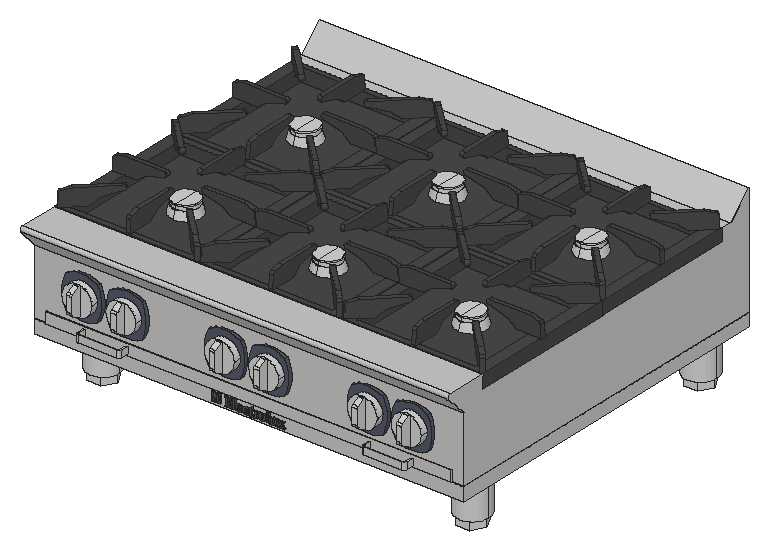
Revit family "QF_ELECTROLUXPROFESSIONAL_169132_ACG36T", category Specialty Equipment, Revit 2018
Family settings
  Round Connector Dimension = Use Diameter
  Part Type = Normal
  Work Plane-Based = No
  Always vertical = Yes
  Cut with Voids When Loaded = No
  Shared = Yes
  Room Calculation Point = No
Parameters
  Weight = "185 lbs."
  Watts = 0 W
  URL Manufacturer = "www.electrolux.com/foodservice"
  URL Cutsheet = "www.electrolux.com/foodservice"
  URL = "www.electrolux.com/foodservice"
  Type Mark [instance] = ""
  Type Comments = ""
  Status [instance] = ""
  Specification by User [instance] = ""
  Specification by Manufacturer = ""
  Show Logo = yes
  Show Clearance = yes
  Serial Number = ""
  Seismic Rating = ""
  SMACNA No = ""
  Revision Code [instance] = ""
  Omniclass Number and Title = ""
  NAFEM Spec ID Number = ""
  Model = "AGC36T"
  Mechanical Remarks [instance] = ""
  Mechanical Connection Type [instance] = ""
  MasterSpec. = ""
  Manufacturer = "ELECTROLUX"
  Item Number [instance] = ""
  Installed By [instance] = ""
  Identify Quantity as Lot [instance] = yes
  HP = "0 HP"
  Gas Size = 3/4"
  Gas RI Height [instance] = 0"
  Gas RI Connection Height [instance] = 7 9/16"
  Gas KW = 57
  Gas Input = 195000.0 Btu/h
  Furnished By [instance] = ""
  Foodservice Equipment Identifier [instance] = yes
  Direct Waste Size = 0"
  Description = "6 Open Gas Burner Top 36\" with Thermocouples"
  CSI MasterFormat = ""
  CSI Master Format = ""
Reference planes (in)
  plane 1 "BACK": y = 0
  plane 2: z = 0
  plane 3 "LEFT": x = 0
  plane 4 "RIGHT": x = 36
  plane 5 "FRONT": y = -31.49658
  plane 6 "TOP": z = 14.625
Forms (in)
  Extrusion 1, solid, material "QF_Finishes_Stainless Steel"
    sketch origin (0, 0, 0) x (0, 1, 0) y (0, 0, 1)
      loop
        arc (-31.25479, 12.8739) -> (-31.47376, 12.73038) -> (-31.42952, 12.47232) r 0.23881
        line (-31.42952, 12.47232) -> (-29.92264, 10.85467) -> (-29.92264, 5.3439) -> (0, 5.3439) -> (0, 14.64456) -> (-1.88863, 12.87587) -> (-2.73705, 12.87587) -> (-2.73705, 11.78131) -> (-27.90975, 11.78131) -> (-27.90964, 12.8739) -> (-31.25479, 12.8739)
      loop
        line (-29.92264, 5.30453) -> (-29.92264, 4.18837) -> (0, 4.18837) -> (0, 5.28228) -> (-29.92264, 5.30453)
    from 0 to 36
  Extrusion 2, solid, material "QF_Finishes_Handrails and Railings"
    sketch origin (0, -0.11377, 0) x (1, 0, 0) y (0, 1, 0)
      loop
        line (3.07085, -24.73494) -> (1.88975, -24.73494) -> (1.2992, -25.75781) -> (1.88975, -26.78067) -> (3.07085, -26.78067) -> (3.6614, -25.75781) -> (3.07085, -24.73494)
    from 0 to 0.78729
  Revolve 3, solid, material "QF_Finishes_Handrails and Railings"
    sketch origin (0, -25.87158, 0) x (1, 0, 0) y (0, 0, 1)
      loop
        line (2.4803, 0.78729) -> (2.4803, 4.1875) -> (1.10235, 4.1875) -> (1.10235, 0.78729) -> (2.4803, 0.78729)
      axis (2.4803, 4.1875) -> (2.4803, 0.78729)
    angle from 0 to 360
  Extrusion 4, solid, material "QF_Finishes_Handrails and Railings"
    sketch origin (0, 23.82031, 0) x (1, 0, 0) y (0, 1, 0)
      loop
        line (3.07085, -24.73494) -> (1.88975, -24.73494) -> (1.2992, -25.75781) -> (1.88975, -26.78067) -> (3.07085, -26.78067) -> (3.6614, -25.75781) -> (3.07085, -24.73494)
    from 0 to 0.78729
  Revolve 5, solid, material "QF_Finishes_Handrails and Railings"
    sketch origin (0, -1.9375, 0) x (1, 0, 0) y (0, 0, 1)
      loop
        line (2.4803, 0.78729) -> (2.4803, 4.1875) -> (1.10235, 4.1875) -> (1.10235, 0.78729) -> (2.4803, 0.78729)
      axis (2.4803, 4.1875) -> (2.4803, 0.78729)
    angle from 0 to 360
  Extrusion 6, solid, material "QF_Finishes_Black"
    sketch origin (0, 0, 0.87587) x (1, 0, 0) y (0, 1, 0)
      loop
        line (0, -2.73705) -> (0, -15.30609) -> (12, -15.30609) -> (12, -2.73705) -> (0, -2.73705)
      loop
        line (11.02362, -3.25097) -> (1.00352, -3.25097) -> (1.00352, -14.81396) -> (11.02362, -14.81396) -> (11.02362, -3.25097)
    from 10.90544 to 12
  Extrusion 7, solid, material "QF_Finishes_Black"
    sketch origin (0, -12.5853, 0.87587) x (1, 0, 0) y (0, 1, 0)
      loop
        line (0, -2.73705) -> (0, -15.30609) -> (12, -15.30609) -> (12, -2.73705) -> (0, -2.73705)
      loop
        line (11.02362, -3.25097) -> (1.00352, -3.25097) -> (1.00352, -14.81396) -> (11.02362, -14.81396) -> (11.02362, -3.25097)
    from 10.90544 to 12
  Extrusion 8, solid, material "QF_Finishes_Black"
    sketch origin (0, 0, 0.87587) x (1, 0, 0) y (0, 0, 1)
      loop
        line (11.03315, 13.42509) -> (7.66123, 13.42509)
        arc (7.66123, 13.42509) -> (7.46568, 13.25445) -> (7.60826, 13.03759) r 0.19737
        line (7.60826, 13.03759) -> (9.18152, 12.59928) -> (9.9716, 12) -> (12.01256, 12) -> (11.95626, 13.03934)
        arc (11.95626, 13.03934) -> (11.91054, 13.15724) -> (11.80402, 13.2254) r 0.20358
        line (11.80402, 13.2254) -> (11.03315, 13.42509)
    from 8.86514 to 9.19979
  Extrusion 9, solid, material "QF_Finishes_Black"
    sketch origin (12, 0, 0.87587) x (-1, 0, 0) y (0, 0, -1)
      loop
        line (11.03315, -13.42509) -> (11.80402, -13.2254)
        arc (11.80402, -13.2254) -> (11.91054, -13.15724) -> (11.95626, -13.03934) r 0.20358
        line (11.95626, -13.03934) -> (12.01256, -12) -> (9.9716, -12) -> (9.18152, -12.59928) -> (7.60826, -13.03759)
        arc (7.60826, -13.03759) -> (7.46568, -13.25445) -> (7.66123, -13.42509) r 0.19737
        line (7.66123, -13.42509) -> (11.03315, -13.42509)
    from 8.86514 to 9.19979
  Extrusion 10, solid, material "QF_Finishes_Black"
    sketch origin (15.0275, -5.00709, 0.87587) x (-0.707107, 0.707107, 0) y (0, 0, -1)
      loop
        line (11.03315, -13.42509) -> (11.80402, -13.2254)
        arc (11.80402, -13.2254) -> (11.91054, -13.15724) -> (11.95626, -13.03934) r 0.20358
        line (11.95626, -13.03934) -> (12.01256, -12) -> (9.9716, -12) -> (9.18152, -12.59928) -> (7.60826, -13.03759)
        arc (7.60826, -13.03759) -> (7.46568, -13.25445) -> (7.66123, -13.42509) r 0.19737
        line (7.66123, -13.42509) -> (11.03315, -13.42509)
    from 8.86514 to 9.19979
  Extrusion 11, solid, material "QF_Finishes_Black"
    sketch origin (-3.0275, -5.00709, 0.87587) x (0.707107, 0.707107, 0) y (0, 0, 1)
      loop
        line (11.03315, 13.42509) -> (7.66123, 13.42509)
        arc (7.66123, 13.42509) -> (7.46568, 13.25445) -> (7.60826, 13.03759) r 0.19737
        line (7.60826, 13.03759) -> (9.18152, 12.59928) -> (9.9716, 12) -> (12.01256, 12) -> (11.95626, 13.03934)
        arc (11.95626, 13.03934) -> (11.91054, 13.15724) -> (11.80402, 13.2254) r 0.20358
        line (11.80402, 13.2254) -> (11.03315, 13.42509)
    from 8.86514 to 9.19979
  Extrusion 12, solid, material "QF_Finishes_Black"
    sketch origin (15.0275, -13.05784, 0.87587) x (-0.707107, -0.707107, 0) y (0, 0, 1)
      loop
        line (11.03315, 13.42509) -> (7.66123, 13.42509)
        arc (7.66123, 13.42509) -> (7.46568, 13.25445) -> (7.60826, 13.03759) r 0.19737
        line (7.60826, 13.03759) -> (9.18152, 12.59928) -> (9.9716, 12) -> (12.01256, 12) -> (11.95626, 13.03934)
        arc (11.95626, 13.03934) -> (11.91054, 13.15724) -> (11.80402, 13.2254) r 0.20358
        line (11.80402, 13.2254) -> (11.03315, 13.42509)
    from 8.86514 to 9.19979
  Extrusion 13, solid, material "QF_Finishes_Black"
    sketch origin (-3.0275, -13.05784, 0.87587) x (0.707107, -0.707107, 0) y (0, 0, -1)
      loop
        line (11.03315, -13.42509) -> (11.80402, -13.2254)
        arc (11.80402, -13.2254) -> (11.91054, -13.15724) -> (11.95626, -13.03934) r 0.20358
        line (11.95626, -13.03934) -> (12.01256, -12) -> (9.9716, -12) -> (9.18152, -12.59928) -> (7.60826, -13.03759)
        arc (7.60826, -13.03759) -> (7.46568, -13.25445) -> (7.66123, -13.42509) r 0.19737
        line (7.66123, -13.42509) -> (11.03315, -13.42509)
    from 8.86514 to 9.19979
  Revolve 14, solid, material "QF_Finishes_Handrails and Railings"
    sketch origin (6, 12.54137, 0.87587) x (0, 1, 0) y (0, 0, 1)
      loop
        line (-21.57384, 12.02311) -> (-21.57384, 10.90544) -> (-20.31076, 10.90544) -> (-20.47945, 11.5802) -> (-20.54501, 11.5802) -> (-20.54501, 11.93953) -> (-20.47945, 11.93953) -> (-20.47945, 12.02311) -> (-21.57384, 12.02311)
      axis (-21.57384, 12.02311) -> (-21.57384, 10.90544)
    angle from 0 to 360
  Extrusion 15, solid, material "QF_Finishes_Black"
    sketch origin (0, -12.58301, 0.87587) x (1, 0, 0) y (0, 0, 1)
      loop
        line (11.03315, 13.42509) -> (7.66123, 13.42509)
        arc (7.66123, 13.42509) -> (7.46568, 13.25445) -> (7.60826, 13.03759) r 0.19737
        line (7.60826, 13.03759) -> (9.18152, 12.59928) -> (9.9716, 12) -> (12.01256, 12) -> (11.95626, 13.03934)
        arc (11.95626, 13.03934) -> (11.91054, 13.15724) -> (11.80402, 13.2254) r 0.20358
        line (11.80402, 13.2254) -> (11.03315, 13.42509)
    from 8.86514 to 9.19979
  Extrusion 16, solid, material "QF_Finishes_Black"
    sketch origin (12, -12.58301, 0.87587) x (-1, 0, 0) y (0, 0, -1)
      loop
        line (11.03315, -13.42509) -> (11.80402, -13.2254)
        arc (11.80402, -13.2254) -> (11.91054, -13.15724) -> (11.95626, -13.03934) r 0.20358
        line (11.95626, -13.03934) -> (12.01256, -12) -> (9.9716, -12) -> (9.18152, -12.59928) -> (7.60826, -13.03759)
        arc (7.60826, -13.03759) -> (7.46568, -13.25445) -> (7.66123, -13.42509) r 0.19737
        line (7.66123, -13.42509) -> (11.03315, -13.42509)
    from 8.86514 to 9.19979
  Extrusion 17, solid, material "QF_Finishes_Black"
    sketch origin (15.0275, -17.5901, 0.87587) x (-0.707107, 0.707107, 0) y (0, 0, -1)
      loop
        line (11.03315, -13.42509) -> (11.80402, -13.2254)
        arc (11.80402, -13.2254) -> (11.91054, -13.15724) -> (11.95626, -13.03934) r 0.20358
        line (11.95626, -13.03934) -> (12.01256, -12) -> (9.9716, -12) -> (9.18152, -12.59928) -> (7.60826, -13.03759)
        arc (7.60826, -13.03759) -> (7.46568, -13.25445) -> (7.66123, -13.42509) r 0.19737
        line (7.66123, -13.42509) -> (11.03315, -13.42509)
    from 8.86514 to 9.19979
  Extrusion 18, solid, material "QF_Finishes_Black"
    sketch origin (-3.0275, -17.5901, 0.87587) x (0.707107, 0.707107, 0) y (0, 0, 1)
      loop
        line (11.03315, 13.42509) -> (7.66123, 13.42509)
        arc (7.66123, 13.42509) -> (7.46568, 13.25445) -> (7.60826, 13.03759) r 0.19737
        line (7.60826, 13.03759) -> (9.18152, 12.59928) -> (9.9716, 12) -> (12.01256, 12) -> (11.95626, 13.03934)
        arc (11.95626, 13.03934) -> (11.91054, 13.15724) -> (11.80402, 13.2254) r 0.20358
        line (11.80402, 13.2254) -> (11.03315, 13.42509)
    from 8.86514 to 9.19979
  Extrusion 19, solid, material "QF_Finishes_Black"
    sketch origin (15.0275, -25.64085, 0.87587) x (-0.707107, -0.707107, 0) y (0, 0, 1)
      loop
        line (11.03315, 13.42509) -> (7.66123, 13.42509)
        arc (7.66123, 13.42509) -> (7.46568, 13.25445) -> (7.60826, 13.03759) r 0.19737
        line (7.60826, 13.03759) -> (9.18152, 12.59928) -> (9.9716, 12) -> (12.01256, 12) -> (11.95626, 13.03934)
        arc (11.95626, 13.03934) -> (11.91054, 13.15724) -> (11.80402, 13.2254) r 0.20358
        line (11.80402, 13.2254) -> (11.03315, 13.42509)
    from 8.86514 to 9.19979
  Extrusion 20, solid, material "QF_Finishes_Black"
    sketch origin (-3.0275, -25.64085, 0.87587) x (0.707107, -0.707107, 0) y (0, 0, -1)
      loop
        line (11.03315, -13.42509) -> (11.80402, -13.2254)
        arc (11.80402, -13.2254) -> (11.91054, -13.15724) -> (11.95626, -13.03934) r 0.20358
        line (11.95626, -13.03934) -> (12.01256, -12) -> (9.9716, -12) -> (9.18152, -12.59928) -> (7.60826, -13.03759)
        arc (7.60826, -13.03759) -> (7.46568, -13.25445) -> (7.66123, -13.42509) r 0.19737
        line (7.66123, -13.42509) -> (11.03315, -13.42509)
    from 8.86514 to 9.19979
  Revolve 21, solid, material "QF_Finishes_Handrails and Railings"
    sketch origin (6, -0.04163, 0.87587) x (0, 1, 0) y (0, 0, 1)
      loop
        line (-21.57384, 12.02311) -> (-21.57384, 10.90544) -> (-20.31076, 10.90544) -> (-20.47945, 11.5802) -> (-20.54501, 11.5802) -> (-20.54501, 11.93953) -> (-20.47945, 11.93953) -> (-20.47945, 12.02311) -> (-21.57384, 12.02311)
      axis (-21.57384, 12.02311) -> (-21.57384, 10.90544)
    angle from 0 to 360
  Extrusion 22, solid, material "Navy Blue"
    sketch origin (0, 0, 0) x (1, 0, 0) y (0, 0, 1)
      loop
        arc (6.50574, 9.87065) -> (6.16818, 8.46518) -> (6.50574, 7.05971) r 3.09468
        arc (6.50574, 7.05971) -> (7.85673, 6.69495) -> (9.20772, 7.05971) r 2.68427
        arc (9.20772, 7.05971) -> (9.54528, 8.46518) -> (9.20772, 9.87065) r 3.09468
        arc (9.20772, 9.87065) -> (7.85673, 10.23541) -> (6.50574, 9.87065) r 2.68427
    from 29.92264 to 30.17272
  Extrusion 23, solid, material "QF_Finishes_Handrails and Railings"
    sketch origin (0, 0, 0) x (1, 0, 0) y (0, 0, 1)
      loop
        circle (7.85673, 8.46518) r 1.25
    from 30.17272 to 30.7208
  Extrusion 24, solid, material "QF_Finishes_Handrails and Railings"
    sketch origin (0, -0.08156, 0) x (0, 1, 0) y (0, 0, 1)
      loop
        line (-30.7208, 9.61954) -> (-31.32961, 9.27409)
        arc (-31.32961, 9.27409) -> (-31.39236, 9.21203) -> (-31.41533, 9.12681) r 0.16924
        line (-31.41533, 9.12681) -> (-31.41471, 7.86711)
        arc (-31.41471, 7.86711) -> (-31.37661, 7.72631) -> (-31.27282, 7.62384) r 0.27972
        line (-31.27282, 7.62384) -> (-30.7208, 7.31125) -> (-30.63924, 7.31125) -> (-30.63924, 9.61954) -> (-30.7208, 9.61954)
    from 7.63866 to 8.09484
  Extrusion 25, solid, material "Navy Blue"
    sketch origin (12, 0, 0) x (-1, 0, 0) y (0, 0, -1)
      loop
        arc (6.50574, -9.87065) -> (7.85673, -10.23541) -> (9.20772, -9.87065) r 2.68427
        arc (9.20772, -9.87065) -> (9.54528, -8.46518) -> (9.20772, -7.05971) r 3.09468
        arc (9.20772, -7.05971) -> (7.85673, -6.69495) -> (6.50574, -7.05971) r 2.68427
        arc (6.50574, -7.05971) -> (6.16818, -8.46518) -> (6.50574, -9.87065) r 3.09468
    from 29.92264 to 30.17272
  Extrusion 26, solid, material "QF_Finishes_Handrails and Railings"
    sketch origin (12, 0, 0) x (-1, 0, 0) y (0, 0, -1)
      loop
        circle (7.85673, -8.46518) r 1.25
    from 30.17272 to 30.7208
  Extrusion 27, solid, material "QF_Finishes_Handrails and Railings"
    sketch origin (12, -0.08156, 0) x (0, 1, 0) y (0, 0, -1)
      loop
        line (-30.7208, -9.61954) -> (-30.63924, -9.61954) -> (-30.63924, -7.31125) -> (-30.7208, -7.31125) -> (-31.27282, -7.62384)
        arc (-31.27282, -7.62384) -> (-31.37661, -7.72631) -> (-31.41471, -7.86711) r 0.27972
        line (-31.41471, -7.86711) -> (-31.41533, -9.12681)
        arc (-31.41533, -9.12681) -> (-31.39236, -9.21203) -> (-31.32961, -9.27409) r 0.16924
        line (-31.32961, -9.27409) -> (-30.7208, -9.61954)
    from 7.63866 to 8.09484
  Extrusion 28, solid, material "QF_Finishes_Stainless Steel"
    sketch origin (0, 0, 0) x (1, 0, 0) y (0, 0, 1)
      loop
        line (1, 5.3439) -> (35, 5.3439) -> (35, 6.23559) -> (1, 6.23559) -> (1, 5.3439)
    from 29.92264 to 30.06107
  Extrusion 29, solid, material "QF_Finishes_Stainless Steel"
    sketch origin (0, 0, 0) x (1, 0, 0) y (0, 1, 0)
      loop
        line (4.14807, -30.06107) -> (4.14807, -30.63839)
        arc (4.14807, -30.63839) -> (4.2213, -30.81517) -> (4.39807, -30.88839) r 0.25
        line (4.39807, -30.88839) -> (7.60673, -30.88839)
        arc (7.60673, -30.88839) -> (7.78351, -30.81517) -> (7.85673, -30.63839) r 0.25
        line (7.85673, -30.63839) -> (7.85673, -30.06107) -> (7.73173, -30.06107) -> (7.73173, -30.63839)
        arc (7.73173, -30.63839) -> (7.69512, -30.72678) -> (7.60673, -30.76339) r 0.125
        line (7.60673, -30.76339) -> (4.39807, -30.76339)
        arc (4.39807, -30.76339) -> (4.30968, -30.72678) -> (4.27307, -30.63839) r 0.125
        line (4.27307, -30.63839) -> (4.27307, -30.06107) -> (4.14807, -30.06107)
    from 5.46007 to 6.02609
  Extrusion 30, solid, material "QF_Finishes_Black"
    sketch origin (15.03247, -15.61547, 0.87587) x (0, -1, 0) y (0, 0, 1)
      loop
        line (11.03315, 13.42509) -> (7.66123, 13.42509)
        arc (7.66123, 13.42509) -> (7.46568, 13.25445) -> (7.60826, 13.03759) r 0.19737
        line (7.60826, 13.03759) -> (9.18152, 12.59928) -> (9.9716, 12) -> (12.01256, 12) -> (11.95626, 13.03934)
        arc (11.95626, 13.03934) -> (11.91054, 13.15724) -> (11.80402, 13.2254) r 0.20358
        line (11.80402, 13.2254) -> (11.03315, 13.42509)
    from 8.86514 to 9.19979
  Extrusion 31, solid, material "QF_Finishes_Black"
    sketch origin (15.03247, -27.61547, 0.87587) x (0, 1, 0) y (0, 0, -1)
      loop
        line (11.03315, -13.42509) -> (11.80402, -13.2254)
        arc (11.80402, -13.2254) -> (11.91054, -13.15724) -> (11.95626, -13.03934) r 0.20358
        line (11.95626, -13.03934) -> (12.01256, -12) -> (9.9716, -12) -> (9.18152, -12.59928) -> (7.60826, -13.03759)
        arc (7.60826, -13.03759) -> (7.46568, -13.25445) -> (7.66123, -13.42509) r 0.19737
        line (7.66123, -13.42509) -> (11.03315, -13.42509)
    from 8.86514 to 9.19979
  Extrusion 32, solid, material "QF_Finishes_Black"
    sketch origin (15.03247, -3.03247, 0.87587) x (0, -1, 0) y (0, 0, 1)
      loop
        line (11.03315, 13.42509) -> (7.66123, 13.42509)
        arc (7.66123, 13.42509) -> (7.46568, 13.25445) -> (7.60826, 13.03759) r 0.19737
        line (7.60826, 13.03759) -> (9.18152, 12.59928) -> (9.9716, 12) -> (12.01256, 12) -> (11.95626, 13.03934)
        arc (11.95626, 13.03934) -> (11.91054, 13.15724) -> (11.80402, 13.2254) r 0.20358
        line (11.80402, 13.2254) -> (11.03315, 13.42509)
    from 8.86514 to 9.19979
  Extrusion 33, solid, material "QF_Finishes_Black"
    sketch origin (15.03247, -15.03247, 0.87587) x (0, 1, 0) y (0, 0, -1)
      loop
        line (11.03315, -13.42509) -> (11.80402, -13.2254)
        arc (11.80402, -13.2254) -> (11.91054, -13.15724) -> (11.95626, -13.03934) r 0.20358
        line (11.95626, -13.03934) -> (12.01256, -12) -> (9.9716, -12) -> (9.18152, -12.59928) -> (7.60826, -13.03759)
        arc (7.60826, -13.03759) -> (7.46568, -13.25445) -> (7.66123, -13.42509) r 0.19737
        line (7.66123, -13.42509) -> (11.03315, -13.42509)
    from 8.86514 to 9.19979
  Extrusion 34, solid, material "Navy Blue", visible <- "Show Logo"
    sketch origin (-7.58045, 15.97722, -64.54174) x (1, 0, 0) y (0, 0, 1)
      loop
        line (22.92786, 69.6462) -> (22.92786, 68.97238)
        arc (22.92786, 68.97238) -> (23.17694, 69.30929) -> (22.92786, 69.6462) r 0.35239
      loop
        arc (22.89359, 69.6462) -> (22.61337, 69.58251) -> (22.47836, 69.32883) r 0.34534
        line (22.47836, 69.32883) -> (22.58983, 69.32883)
        arc (22.58983, 69.32883) -> (22.78898, 69.40966) -> (22.89359, 69.59741) r 0.32369
        line (22.89359, 69.59741) -> (22.89359, 69.6462)
      loop
        arc (22.89359, 69.02118) -> (22.78898, 69.20892) -> (22.58983, 69.28976) r 0.32369
        line (22.58983, 69.28976) -> (22.47836, 69.28976)
        arc (22.47836, 69.28976) -> (22.61314, 69.03398) -> (22.89359, 68.96373) r 0.35438
        line (22.89359, 68.96373) -> (22.89359, 69.02118)
      loop
        line (22.45278, 69.68297) -> (22.45278, 68.93408) -> (23.20268, 68.93408) -> (23.20268, 69.68297) -> (22.45278, 69.68297)
      loop
        line (23.57392, 69.68753) -> (23.57392, 69.6483)
        arc (23.57392, 69.6483) -> (23.62149, 69.63495) -> (23.64661, 69.59241) r 0.06626
        line (23.64661, 69.59241) -> (23.64661, 69.02506)
        arc (23.64661, 69.02506) -> (23.62256, 68.98016) -> (23.57396, 68.96488) r 0.06745
        line (23.57396, 68.96488) -> (23.57396, 68.92937) -> (24.14289, 68.92937) -> (24.14289, 69.07925) -> (24.094, 69.07925)
        arc (24.094, 69.07925) -> (24.0624, 69.02972) -> (24.00915, 69.0049) r 0.10503
        line (24.00915, 69.0049) -> (23.87299, 69.0049)
        arc (23.87299, 69.0049) -> (23.83329, 69.01991) -> (23.81345, 69.05743) r 0.06
        line (23.81345, 69.05743) -> (23.81345, 69.28009) -> (24.01361, 69.28009)
        arc (24.01361, 69.28009) -> (24.04135, 69.26003) -> (24.05328, 69.22795) r 0.05899
        line (24.05328, 69.22795) -> (24.08489, 69.22795) -> (24.08489, 69.40532) -> (24.05328, 69.40532)
        arc (24.05328, 69.40532) -> (24.04135, 69.37324) -> (24.01361, 69.35319) r 0.05899
        line (24.01361, 69.35319) -> (23.81345, 69.35319) -> (23.81345, 69.60803) -> (24.01764, 69.60803)
        arc (24.01764, 69.60803) -> (24.06367, 69.59288) -> (24.08951, 69.55188) r 0.07161
        line (24.08951, 69.55188) -> (24.12389, 69.55188) -> (24.12389, 69.68753) -> (23.57392, 69.68753)
      loop
        line (24.19687, 69.68753) -> (24.19687, 69.65098)
        arc (24.19687, 69.65098) -> (24.24558, 69.63081) -> (24.26576, 69.58209) r 0.06889
        line (24.26576, 69.58209) -> (24.26576, 69.05632)
        arc (24.26576, 69.05632) -> (24.24416, 69.00892) -> (24.19421, 68.99412) r 0.06281
        line (24.19421, 68.99412) -> (24.19421, 68.92937) -> (24.48487, 68.92937) -> (24.48487, 68.99412)
        arc (24.48487, 68.99412) -> (24.43492, 69.00892) -> (24.41332, 69.05632) r 0.06281
        line (24.41332, 69.05632) -> (24.41332, 69.71411) -> (24.19687, 69.68753)
      loop
        line (24.67774, 69.1307) -> (24.67774, 69.19988) -> (25.02902, 69.19988) -> (25.02902, 69.24342)
        arc (25.02902, 69.24342) -> (24.97537, 69.38403) -> (24.8417, 69.45315) r 0.21106
        line (24.8417, 69.45315) -> (24.74575, 69.45315)
        arc (24.74575, 69.45315) -> (24.58967, 69.3885) -> (24.52503, 69.23242) r 0.22073
        line (24.52503, 69.23242) -> (24.52503, 69.123)
        arc (24.52503, 69.123) -> (24.60594, 68.96944) -> (24.76978, 68.91213) r 0.23712
        arc (24.76978, 68.91213) -> (24.904, 68.93198) -> (25.01703, 69.00704) r 0.31131
        line (25.01703, 69.00704) -> (25.01703, 69.05875)
        arc (25.01703, 69.05875) -> (24.93153, 69.01883) -> (24.83791, 69.00704) r 0.304
        arc (24.83791, 69.00704) -> (24.73948, 69.04304) -> (24.68203, 69.1307) r 0.16658
      loop
        line (24.67774, 69.2685) -> (24.88387, 69.2685) -> (24.88387, 69.31067)
        arc (24.88387, 69.31067) -> (24.8636, 69.36636) -> (24.81228, 69.39599) r 0.08663
        line (24.81228, 69.39599) -> (24.7671, 69.39599)
        arc (24.7671, 69.39599) -> (24.69868, 69.34888) -> (24.67774, 69.2685) r 0.11901
      loop
        arc (25.57907, 69.42057) -> (25.48785, 69.4472) -> (25.39322, 69.45579) r 0.49163
        line (25.39322, 69.45579) -> (25.31898, 69.45579)
        arc (25.31898, 69.45579) -> (25.16644, 69.39261) -> (25.10326, 69.24007) r 0.21572
        line (25.10326, 69.24007) -> (25.10326, 69.09839)
        arc (25.10326, 69.09839) -> (25.1737, 68.97407) -> (25.30297, 68.91318) r 0.23599
        line (25.30297, 68.91318) -> (25.41932, 68.91318)
        arc (25.41932, 68.91318) -> (25.51994, 68.94946) -> (25.60259, 69.01736) r 0.31449
        line (25.60259, 69.01736) -> (25.60259, 69.06672) -> (25.56735, 69.06672)
        arc (25.56735, 69.06672) -> (25.51758, 69.02418) -> (25.45391, 69.00888) r 0.14017
        line (25.45391, 69.00888) -> (25.37135, 69.00888)
        arc (25.37135, 69.00888) -> (25.28191, 69.06369) -> (25.2469, 69.16257) r 0.15712
        line (25.2469, 69.16257) -> (25.2469, 69.23224)
        arc (25.2469, 69.23224) -> (25.27742, 69.33147) -> (25.36813, 69.38195) r 0.13914
        line (25.36813, 69.38195) -> (25.42553, 69.38195)
        arc (25.42553, 69.38195) -> (25.4982, 69.34763) -> (25.53993, 69.27894) r 0.13972
        line (25.53993, 69.27894) -> (25.57907, 69.27894) -> (25.57907, 69.42057)
      loop
        line (25.5938, 69.36509) -> (25.67558, 69.36509) -> (25.67558, 69.03555)
        arc (25.67558, 69.03555) -> (25.71142, 68.94902) -> (25.79795, 68.91318) r 0.12237
        line (25.79795, 68.91318) -> (25.88423, 68.91318)
        arc (25.88423, 68.91318) -> (25.95312, 68.94271) -> (26.00819, 68.99355) r 0.22123
        line (26.00819, 68.99355) -> (26.00819, 69.02847) -> (25.97122, 69.02847)
        arc (25.97122, 69.02847) -> (25.93052, 69.00759) -> (25.88479, 69.00888) r 0.09207
        arc (25.88479, 69.00888) -> (25.84186, 69.03838) -> (25.82533, 69.08778) r 0.08208
        line (25.82533, 69.08778) -> (25.82533, 69.36773) -> (25.95595, 69.36773) -> (25.98627, 69.39804) -> (25.98627, 69.44281) -> (25.83045, 69.44281) -> (25.83045, 69.61886) -> (25.5938, 69.36509)
      loop
        line (26.03517, 68.92504) -> (26.32868, 68.92504) -> (26.32868, 68.98552)
        arc (26.32868, 68.98552) -> (26.27686, 69.00698) -> (26.2554, 69.0588) r 0.07328
        line (26.2554, 69.0588) -> (26.2554, 69.25583)
        arc (26.2554, 69.25583) -> (26.28765, 69.29749) -> (26.33792, 69.31327) r 0.088
        line (26.33792, 69.31327) -> (26.42268, 69.31327) -> (26.46, 69.45253) -> (26.38466, 69.45253)
        arc (26.38466, 69.45253) -> (26.3098, 69.42153) -> (26.2788, 69.34667) r 0.10586
        line (26.2788, 69.34667) -> (26.24521, 69.34667) -> (26.24521, 69.44913) -> (26.0346, 69.42699) -> (26.0346, 69.39208)
        arc (26.0346, 69.39208) -> (26.08292, 69.37113) -> (26.10845, 69.32506) r 0.08178
        line (26.10845, 69.32506) -> (26.10845, 69.0588)
        arc (26.10845, 69.0588) -> (26.08698, 69.00698) -> (26.03517, 68.98552) r 0.07328
        line (26.03517, 68.98552) -> (26.03517, 68.92504)
      loop
        line (26.4717, 69.2575) -> (26.4717, 69.11082)
        arc (26.4717, 69.11082) -> (26.54295, 68.97757) -> (26.68084, 68.91579) r 0.23366
        arc (26.68084, 68.91579) -> (26.75604, 68.91233) -> (26.83125, 68.91579) r 0.81853
        arc (26.83125, 68.91579) -> (26.96914, 68.97757) -> (27.04039, 69.11082) r 0.23366
        line (27.04039, 69.11082) -> (27.04039, 69.2575)
        arc (27.04039, 69.2575) -> (26.96914, 69.39075) -> (26.83125, 69.45253) r 0.23366
        arc (26.83125, 69.45253) -> (26.75604, 69.45599) -> (26.68084, 69.45253) r 0.81853
        arc (26.68084, 69.45253) -> (26.54295, 69.39075) -> (26.4717, 69.2575) r 0.23366
      loop
        line (26.64139, 69.26866) -> (26.64139, 69.09966)
        arc (26.64139, 69.09966) -> (26.75891, 68.98213) -> (26.87643, 69.09966) r 0.11752
        line (26.87643, 69.09966) -> (26.87643, 69.26866)
        arc (26.87643, 69.26866) -> (26.75891, 69.38619) -> (26.64139, 69.26866) r 0.11752
      loop
        line (27.08187, 69.68753) -> (27.08187, 69.64903)
        arc (27.08187, 69.64903) -> (27.13059, 69.62885) -> (27.15076, 69.58014) r 0.06889
        line (27.15076, 69.58014) -> (27.15076, 69.04265)
        arc (27.15076, 69.04265) -> (27.12916, 68.99525) -> (27.07922, 68.98045) r 0.06281
        line (27.07922, 68.98045) -> (27.07922, 68.92937) -> (27.36987, 68.92937) -> (27.36987, 68.98045)
        arc (27.36987, 68.98045) -> (27.31992, 68.99525) -> (27.29832, 69.04265) r 0.06281
        line (27.29832, 69.04265) -> (27.29832, 69.71411) -> (27.08187, 69.68753)
      loop
        arc (27.56578, 68.9189) -> (27.48158, 68.95913) -> (27.44739, 69.04596) r 0.12738
        line (27.44739, 69.04596) -> (27.44739, 69.31948)
        arc (27.44739, 69.31948) -> (27.42537, 69.36878) -> (27.37395, 69.38526) r 0.06618
        line (27.37395, 69.38526) -> (27.37395, 69.42631) -> (27.59762, 69.44982) -> (27.59762, 69.11219)
        arc (27.59762, 69.11219) -> (27.62174, 69.04935) -> (27.68172, 69.01879) r 0.09392
        arc (27.68172, 69.01879) -> (27.73752, 69.02275) -> (27.78856, 69.04565) r 0.16019
        line (27.78856, 69.04565) -> (27.78856, 69.32369)
        arc (27.78856, 69.32369) -> (27.76083, 69.36469) -> (27.71529, 69.38406) r 0.08743
        line (27.71529, 69.38406) -> (27.71529, 69.42692) -> (27.94433, 69.44294) -> (27.94433, 69.02604)
        arc (27.94433, 69.02604) -> (27.9585, 68.98878) -> (27.99384, 68.97036) r 0.05606
        line (27.99384, 68.97036) -> (27.99384, 68.92937) -> (27.8523, 68.92937)
        arc (27.8523, 68.92937) -> (27.81996, 68.94344) -> (27.80822, 68.97669) r 0.04419
        line (27.80822, 68.97669) -> (27.77574, 68.97669)
        arc (27.77574, 68.97669) -> (27.72, 68.93392) -> (27.65141, 68.91872) r 0.1623
        line (27.65141, 68.91872) -> (27.5689, 68.91872)
      loop
        line (27.99384, 69.43917) -> (27.99384, 69.40417)
        arc (27.99384, 69.40417) -> (28.05152, 69.38277) -> (28.10231, 69.34805) r 0.25223
        line (28.10231, 69.34805) -> (28.22795, 69.17511) -> (28.05838, 68.98679)
        arc (28.05838, 68.98679) -> (28.03693, 68.97387) -> (28.01192, 68.97509) r 0.04299
        line (28.01192, 68.97509) -> (28.01192, 68.92937) -> (28.20509, 68.92937) -> (28.20509, 68.97439)
        arc (28.20509, 68.97439) -> (28.18534, 68.99304) -> (28.19035, 69.01974) r 0.02835
        line (28.19035, 69.01974) -> (28.27051, 69.11781) -> (28.34546, 69.00239)
        arc (28.34546, 69.00239) -> (28.32857, 68.98053) -> (28.30136, 68.97581) r 0.03815
        line (28.30136, 68.97581) -> (28.30136, 68.92937) -> (28.63046, 68.92937) -> (28.63046, 68.97768)
        arc (28.63046, 68.97768) -> (28.59456, 68.98133) -> (28.56559, 69.00285) r 0.06795
        line (28.56559, 69.00285) -> (28.38385, 69.23546) -> (28.48746, 69.35895)
        arc (28.48746, 69.35895) -> (28.53396, 69.39302) -> (28.59095, 69.40172) r 0.12107
        line (28.59095, 69.40172) -> (28.59095, 69.43917) -> (28.38306, 69.43917) -> (28.38306, 69.40172)
        arc (28.38306, 69.40172) -> (28.41038, 69.38848) -> (28.40759, 69.35825) r 0.02666
        line (28.40759, 69.35825) -> (28.33803, 69.27536) -> (28.27317, 69.36799)
        arc (28.27317, 69.36799) -> (28.28698, 69.39468) -> (28.31549, 69.40418) r 0.03992
        line (28.31549, 69.40418) -> (28.31549, 69.43917) -> (27.99384, 69.43917)
    from 45.89987 to 45.9727
  Extrusion 35, solid
    sketch origin (0, 0.50515, 0) x (1, 0, 0) y (0, 0, 1)
      loop
        circle (1.6875, 7.5625) r 0.375
    from -0.49485 to 0.50515
  Extrusion 36, solid, material "QF_Finishes_Clearance", visible <- "Show Clearance", detail levels coarse
    sketch origin (2.80868, 0.84181, 0) x (1, 0, 0) y (0, 1, 0)
      loop
        line (-12.80868, 3.15819) -> (-12.80868, -32.33839) -> (-2.80868, -32.33839) -> (-2.80868, -0.84181) -> (33.19132, -0.84181) -> (33.19132, -32.33839) -> (43.19132, -32.33839) -> (43.19132, 3.15819) -> (-12.80868, 3.15819)
    from 0 to 14.625
  Extrusion 37, solid, material "QF_Finishes_Black"
    sketch origin (12, 0, 0.87587) x (1, 0, 0) y (0, 1, 0)
      loop
        line (0, -2.73705) -> (0, -15.30609) -> (12, -15.30609) -> (12, -2.73705) -> (0, -2.73705)
      loop
        line (11.02362, -3.25097) -> (1.00352, -3.25097) -> (1.00352, -14.81396) -> (11.02362, -14.81396) -> (11.02362, -3.25097)
    from 10.90544 to 12
  Extrusion 38, solid, material "QF_Finishes_Black"
    sketch origin (12, -12.5853, 0.87587) x (1, 0, 0) y (0, 1, 0)
      loop
        line (0, -2.73705) -> (0, -15.30609) -> (12, -15.30609) -> (12, -2.73705) -> (0, -2.73705)
      loop
        line (11.02362, -3.25097) -> (1.00352, -3.25097) -> (1.00352, -14.81396) -> (11.02362, -14.81396) -> (11.02362, -3.25097)
    from 10.90544 to 12
  Extrusion 39, solid, material "QF_Finishes_Black"
    sketch origin (12, 0, 0.87587) x (1, 0, 0) y (0, 0, 1)
      loop
        line (11.03315, 13.42509) -> (7.66123, 13.42509)
        arc (7.66123, 13.42509) -> (7.46568, 13.25445) -> (7.60826, 13.03759) r 0.19737
        line (7.60826, 13.03759) -> (9.18152, 12.59928) -> (9.9716, 12) -> (12.01256, 12) -> (11.95626, 13.03934)
        arc (11.95626, 13.03934) -> (11.91054, 13.15724) -> (11.80402, 13.2254) r 0.20358
        line (11.80402, 13.2254) -> (11.03315, 13.42509)
    from 8.86514 to 9.19979
  Extrusion 40, solid, material "QF_Finishes_Black"
    sketch origin (24, 0, 0.87587) x (-1, 0, 0) y (0, 0, -1)
      loop
        line (11.03315, -13.42509) -> (11.80402, -13.2254)
        arc (11.80402, -13.2254) -> (11.91054, -13.15724) -> (11.95626, -13.03934) r 0.20358
        line (11.95626, -13.03934) -> (12.01256, -12) -> (9.9716, -12) -> (9.18152, -12.59928) -> (7.60826, -13.03759)
        arc (7.60826, -13.03759) -> (7.46568, -13.25445) -> (7.66123, -13.42509) r 0.19737
        line (7.66123, -13.42509) -> (11.03315, -13.42509)
    from 8.86514 to 9.19979
  Extrusion 41, solid, material "QF_Finishes_Black"
    sketch origin (27.0275, -5.00709, 0.87587) x (-0.707107, 0.707107, 0) y (0, 0, -1)
      loop
        line (11.03315, -13.42509) -> (11.80402, -13.2254)
        arc (11.80402, -13.2254) -> (11.91054, -13.15724) -> (11.95626, -13.03934) r 0.20358
        line (11.95626, -13.03934) -> (12.01256, -12) -> (9.9716, -12) -> (9.18152, -12.59928) -> (7.60826, -13.03759)
        arc (7.60826, -13.03759) -> (7.46568, -13.25445) -> (7.66123, -13.42509) r 0.19737
        line (7.66123, -13.42509) -> (11.03315, -13.42509)
    from 8.86514 to 9.19979
  Extrusion 42, solid, material "QF_Finishes_Black"
    sketch origin (8.9725, -5.00709, 0.87587) x (0.707107, 0.707107, 0) y (0, 0, 1)
      loop
        line (11.03315, 13.42509) -> (7.66123, 13.42509)
        arc (7.66123, 13.42509) -> (7.46568, 13.25445) -> (7.60826, 13.03759) r 0.19737
        line (7.60826, 13.03759) -> (9.18152, 12.59928) -> (9.9716, 12) -> (12.01256, 12) -> (11.95626, 13.03934)
        arc (11.95626, 13.03934) -> (11.91054, 13.15724) -> (11.80402, 13.2254) r 0.20358
        line (11.80402, 13.2254) -> (11.03315, 13.42509)
    from 8.86514 to 9.19979
  Extrusion 43, solid, material "QF_Finishes_Black"
    sketch origin (27.0275, -13.05784, 0.87587) x (-0.707107, -0.707107, 0) y (0, 0, 1)
      loop
        line (11.03315, 13.42509) -> (7.66123, 13.42509)
        arc (7.66123, 13.42509) -> (7.46568, 13.25445) -> (7.60826, 13.03759) r 0.19737
        line (7.60826, 13.03759) -> (9.18152, 12.59928) -> (9.9716, 12) -> (12.01256, 12) -> (11.95626, 13.03934)
        arc (11.95626, 13.03934) -> (11.91054, 13.15724) -> (11.80402, 13.2254) r 0.20358
        line (11.80402, 13.2254) -> (11.03315, 13.42509)
    from 8.86514 to 9.19979
  Extrusion 44, solid, material "QF_Finishes_Black"
    sketch origin (8.9725, -13.05784, 0.87587) x (0.707107, -0.707107, 0) y (0, 0, -1)
      loop
        line (11.03315, -13.42509) -> (11.80402, -13.2254)
        arc (11.80402, -13.2254) -> (11.91054, -13.15724) -> (11.95626, -13.03934) r 0.20358
        line (11.95626, -13.03934) -> (12.01256, -12) -> (9.9716, -12) -> (9.18152, -12.59928) -> (7.60826, -13.03759)
        arc (7.60826, -13.03759) -> (7.46568, -13.25445) -> (7.66123, -13.42509) r 0.19737
        line (7.66123, -13.42509) -> (11.03315, -13.42509)
    from 8.86514 to 9.19979
  Revolve 45, solid, material "QF_Finishes_Handrails and Railings"
    sketch origin (18, 12.54137, 0.87587) x (0, 1, 0) y (0, 0, 1)
      loop
        line (-21.57384, 12.02311) -> (-21.57384, 10.90544) -> (-20.31076, 10.90544) -> (-20.47945, 11.5802) -> (-20.54501, 11.5802) -> (-20.54501, 11.93953) -> (-20.47945, 11.93953) -> (-20.47945, 12.02311) -> (-21.57384, 12.02311)
      axis (-21.57384, 12.02311) -> (-21.57384, 10.90544)
    angle from 0 to 360
  Extrusion 46, solid, material "QF_Finishes_Black"
    sketch origin (12, -12.58301, 0.87587) x (1, 0, 0) y (0, 0, 1)
      loop
        line (11.03315, 13.42509) -> (7.66123, 13.42509)
        arc (7.66123, 13.42509) -> (7.46568, 13.25445) -> (7.60826, 13.03759) r 0.19737
        line (7.60826, 13.03759) -> (9.18152, 12.59928) -> (9.9716, 12) -> (12.01256, 12) -> (11.95626, 13.03934)
        arc (11.95626, 13.03934) -> (11.91054, 13.15724) -> (11.80402, 13.2254) r 0.20358
        line (11.80402, 13.2254) -> (11.03315, 13.42509)
    from 8.86514 to 9.19979
  Extrusion 47, solid, material "QF_Finishes_Black"
    sketch origin (24, -12.58301, 0.87587) x (-1, 0, 0) y (0, 0, -1)
      loop
        line (11.03315, -13.42509) -> (11.80402, -13.2254)
        arc (11.80402, -13.2254) -> (11.91054, -13.15724) -> (11.95626, -13.03934) r 0.20358
        line (11.95626, -13.03934) -> (12.01256, -12) -> (9.9716, -12) -> (9.18152, -12.59928) -> (7.60826, -13.03759)
        arc (7.60826, -13.03759) -> (7.46568, -13.25445) -> (7.66123, -13.42509) r 0.19737
        line (7.66123, -13.42509) -> (11.03315, -13.42509)
    from 8.86514 to 9.19979
  Extrusion 48, solid, material "QF_Finishes_Black"
    sketch origin (27.0275, -17.5901, 0.87587) x (-0.707107, 0.707107, 0) y (0, 0, -1)
      loop
        line (11.03315, -13.42509) -> (11.80402, -13.2254)
        arc (11.80402, -13.2254) -> (11.91054, -13.15724) -> (11.95626, -13.03934) r 0.20358
        line (11.95626, -13.03934) -> (12.01256, -12) -> (9.9716, -12) -> (9.18152, -12.59928) -> (7.60826, -13.03759)
        arc (7.60826, -13.03759) -> (7.46568, -13.25445) -> (7.66123, -13.42509) r 0.19737
        line (7.66123, -13.42509) -> (11.03315, -13.42509)
    from 8.86514 to 9.19979
  Extrusion 49, solid, material "QF_Finishes_Black"
    sketch origin (8.9725, -17.5901, 0.87587) x (0.707107, 0.707107, 0) y (0, 0, 1)
      loop
        line (11.03315, 13.42509) -> (7.66123, 13.42509)
        arc (7.66123, 13.42509) -> (7.46568, 13.25445) -> (7.60826, 13.03759) r 0.19737
        line (7.60826, 13.03759) -> (9.18152, 12.59928) -> (9.9716, 12) -> (12.01256, 12) -> (11.95626, 13.03934)
        arc (11.95626, 13.03934) -> (11.91054, 13.15724) -> (11.80402, 13.2254) r 0.20358
        line (11.80402, 13.2254) -> (11.03315, 13.42509)
    from 8.86514 to 9.19979
  Extrusion 50, solid, material "QF_Finishes_Black"
    sketch origin (27.0275, -25.64085, 0.87587) x (-0.707107, -0.707107, 0) y (0, 0, 1)
      loop
        line (11.03315, 13.42509) -> (7.66123, 13.42509)
        arc (7.66123, 13.42509) -> (7.46568, 13.25445) -> (7.60826, 13.03759) r 0.19737
        line (7.60826, 13.03759) -> (9.18152, 12.59928) -> (9.9716, 12) -> (12.01256, 12) -> (11.95626, 13.03934)
        arc (11.95626, 13.03934) -> (11.91054, 13.15724) -> (11.80402, 13.2254) r 0.20358
        line (11.80402, 13.2254) -> (11.03315, 13.42509)
    from 8.86514 to 9.19979
  Extrusion 51, solid, material "QF_Finishes_Black"
    sketch origin (8.9725, -25.64085, 0.87587) x (0.707107, -0.707107, 0) y (0, 0, -1)
      loop
        line (11.03315, -13.42509) -> (11.80402, -13.2254)
        arc (11.80402, -13.2254) -> (11.91054, -13.15724) -> (11.95626, -13.03934) r 0.20358
        line (11.95626, -13.03934) -> (12.01256, -12) -> (9.9716, -12) -> (9.18152, -12.59928) -> (7.60826, -13.03759)
        arc (7.60826, -13.03759) -> (7.46568, -13.25445) -> (7.66123, -13.42509) r 0.19737
        line (7.66123, -13.42509) -> (11.03315, -13.42509)
    from 8.86514 to 9.19979
  Revolve 52, solid, material "QF_Finishes_Handrails and Railings"
    sketch origin (18, -0.04163, 0.87587) x (0, 1, 0) y (0, 0, 1)
      loop
        line (-21.57384, 12.02311) -> (-21.57384, 10.90544) -> (-20.31076, 10.90544) -> (-20.47945, 11.5802) -> (-20.54501, 11.5802) -> (-20.54501, 11.93953) -> (-20.47945, 11.93953) -> (-20.47945, 12.02311) -> (-21.57384, 12.02311)
      axis (-21.57384, 12.02311) -> (-21.57384, 10.90544)
    angle from 0 to 360
  Extrusion 53, solid, material "Navy Blue"
    sketch origin (12, 0, 0) x (1, 0, 0) y (0, 0, 1)
      loop
        arc (6.50574, 9.87065) -> (6.16818, 8.46518) -> (6.50574, 7.05971) r 3.09468
        arc (6.50574, 7.05971) -> (7.85673, 6.69495) -> (9.20772, 7.05971) r 2.68427
        arc (9.20772, 7.05971) -> (9.54528, 8.46518) -> (9.20772, 9.87065) r 3.09468
        arc (9.20772, 9.87065) -> (7.85673, 10.23541) -> (6.50574, 9.87065) r 2.68427
    from 29.92264 to 30.17272
  Extrusion 54, solid, material "QF_Finishes_Handrails and Railings"
    sketch origin (12, 0, 0) x (1, 0, 0) y (0, 0, 1)
      loop
        circle (7.85673, 8.46518) r 1.25
    from 30.17272 to 30.7208
  Extrusion 55, solid, material "QF_Finishes_Handrails and Railings"
    sketch origin (12, -0.08156, 0) x (0, 1, 0) y (0, 0, 1)
      loop
        line (-30.7208, 9.61954) -> (-31.32961, 9.27409)
        arc (-31.32961, 9.27409) -> (-31.39236, 9.21203) -> (-31.41533, 9.12681) r 0.16924
        line (-31.41533, 9.12681) -> (-31.41471, 7.86711)
        arc (-31.41471, 7.86711) -> (-31.37661, 7.72631) -> (-31.27282, 7.62384) r 0.27972
        line (-31.27282, 7.62384) -> (-30.7208, 7.31125) -> (-30.63924, 7.31125) -> (-30.63924, 9.61954) -> (-30.7208, 9.61954)
    from 7.63866 to 8.09484
  Extrusion 56, solid, material "Navy Blue"
    sketch origin (24, 0, 0) x (-1, 0, 0) y (0, 0, -1)
      loop
        arc (6.50574, -9.87065) -> (7.85673, -10.23541) -> (9.20772, -9.87065) r 2.68427
        arc (9.20772, -9.87065) -> (9.54528, -8.46518) -> (9.20772, -7.05971) r 3.09468
        arc (9.20772, -7.05971) -> (7.85673, -6.69495) -> (6.50574, -7.05971) r 2.68427
        arc (6.50574, -7.05971) -> (6.16818, -8.46518) -> (6.50574, -9.87065) r 3.09468
    from 29.92264 to 30.17272
  Extrusion 57, solid, material "QF_Finishes_Handrails and Railings"
    sketch origin (24, 0, 0) x (-1, 0, 0) y (0, 0, -1)
      loop
        circle (7.85673, -8.46518) r 1.25
    from 30.17272 to 30.7208
  Extrusion 58, solid, material "QF_Finishes_Handrails and Railings"
    sketch origin (24, -0.08156, 0) x (0, 1, 0) y (0, 0, -1)
      loop
        line (-30.7208, -9.61954) -> (-30.63924, -9.61954) -> (-30.63924, -7.31125) -> (-30.7208, -7.31125) -> (-31.27282, -7.62384)
        arc (-31.27282, -7.62384) -> (-31.37661, -7.72631) -> (-31.41471, -7.86711) r 0.27972
        line (-31.41471, -7.86711) -> (-31.41533, -9.12681)
        arc (-31.41533, -9.12681) -> (-31.39236, -9.21203) -> (-31.32961, -9.27409) r 0.16924
        line (-31.32961, -9.27409) -> (-30.7208, -9.61954)
    from 7.63866 to 8.09484
  Extrusion 59, solid, material "QF_Finishes_Black"
    sketch origin (27.03247, -15.61547, 0.87587) x (0, -1, 0) y (0, 0, 1)
      loop
        line (11.03315, 13.42509) -> (7.66123, 13.42509)
        arc (7.66123, 13.42509) -> (7.46568, 13.25445) -> (7.60826, 13.03759) r 0.19737
        line (7.60826, 13.03759) -> (9.18152, 12.59928) -> (9.9716, 12) -> (12.01256, 12) -> (11.95626, 13.03934)
        arc (11.95626, 13.03934) -> (11.91054, 13.15724) -> (11.80402, 13.2254) r 0.20358
        line (11.80402, 13.2254) -> (11.03315, 13.42509)
    from 8.86514 to 9.19979
  Extrusion 60, solid, material "QF_Finishes_Black"
    sketch origin (27.03247, -27.61547, 0.87587) x (0, 1, 0) y (0, 0, -1)
      loop
        line (11.03315, -13.42509) -> (11.80402, -13.2254)
        arc (11.80402, -13.2254) -> (11.91054, -13.15724) -> (11.95626, -13.03934) r 0.20358
        line (11.95626, -13.03934) -> (12.01256, -12) -> (9.9716, -12) -> (9.18152, -12.59928) -> (7.60826, -13.03759)
        arc (7.60826, -13.03759) -> (7.46568, -13.25445) -> (7.66123, -13.42509) r 0.19737
        line (7.66123, -13.42509) -> (11.03315, -13.42509)
    from 8.86514 to 9.19979
  Extrusion 61, solid, material "QF_Finishes_Black"
    sketch origin (27.03247, -3.03247, 0.87587) x (0, -1, 0) y (0, 0, 1)
      loop
        line (11.03315, 13.42509) -> (7.66123, 13.42509)
        arc (7.66123, 13.42509) -> (7.46568, 13.25445) -> (7.60826, 13.03759) r 0.19737
        line (7.60826, 13.03759) -> (9.18152, 12.59928) -> (9.9716, 12) -> (12.01256, 12) -> (11.95626, 13.03934)
        arc (11.95626, 13.03934) -> (11.91054, 13.15724) -> (11.80402, 13.2254) r 0.20358
        line (11.80402, 13.2254) -> (11.03315, 13.42509)
    from 8.86514 to 9.19979
  Extrusion 62, solid, material "QF_Finishes_Black"
    sketch origin (27.03247, -15.03247, 0.87587) x (0, 1, 0) y (0, 0, -1)
      loop
        line (11.03315, -13.42509) -> (11.80402, -13.2254)
        arc (11.80402, -13.2254) -> (11.91054, -13.15724) -> (11.95626, -13.03934) r 0.20358
        line (11.95626, -13.03934) -> (12.01256, -12) -> (9.9716, -12) -> (9.18152, -12.59928) -> (7.60826, -13.03759)
        arc (7.60826, -13.03759) -> (7.46568, -13.25445) -> (7.66123, -13.42509) r 0.19737
        line (7.66123, -13.42509) -> (11.03315, -13.42509)
    from 8.86514 to 9.19979
  Extrusion 63, solid, material "QF_Finishes_Handrails and Railings"
    sketch origin (36, -0.11377, 0) x (-1, 0, 0) y (0, -1, 0)
      loop
        line (3.07085, 24.73494) -> (3.6614, 25.75781) -> (3.07085, 26.78067) -> (1.88975, 26.78067) -> (1.2992, 25.75781) -> (1.88975, 24.73494) -> (3.07085, 24.73494)
    from 0 to 0.78729
  Revolve 64, solid, material "QF_Finishes_Handrails and Railings"
    sketch origin (36, -25.87158, 0) x (-1, 0, 0) y (0, 0, -1)
      loop
        line (2.4803, -0.78729) -> (1.10235, -0.78729) -> (1.10235, -4.18837) -> (2.4803, -4.18837) -> (2.4803, -0.78729)
      axis (2.4803, -4.18837) -> (2.4803, -0.78729)
    angle from 0 to 360
  Extrusion 65, solid, material "QF_Finishes_Handrails and Railings"
    sketch origin (36, 23.82031, 0) x (-1, 0, 0) y (0, -1, 0)
      loop
        line (3.07085, 24.73494) -> (3.6614, 25.75781) -> (3.07085, 26.78067) -> (1.88975, 26.78067) -> (1.2992, 25.75781) -> (1.88975, 24.73494) -> (3.07085, 24.73494)
    from 0 to 0.78729
  Revolve 66, solid, material "QF_Finishes_Handrails and Railings"
    sketch origin (36, -1.9375, 0) x (-1, 0, 0) y (0, 0, -1)
      loop
        line (2.4803, -0.78729) -> (1.10235, -0.78729) -> (1.10235, -4.1875) -> (2.4803, -4.1875) -> (2.4803, -0.78729)
      axis (2.4803, -4.1875) -> (2.4803, -0.78729)
    angle from 0 to 360
  Extrusion 67, solid, material "QF_Finishes_Black"
    sketch origin (24, 0, 0.87587) x (1, 0, 0) y (0, 1, 0)
      loop
        line (0, -2.73705) -> (0, -15.30609) -> (12, -15.30609) -> (12, -2.73705) -> (0, -2.73705)
      loop
        line (11.02362, -3.25097) -> (1.00352, -3.25097) -> (1.00352, -14.81396) -> (11.02362, -14.81396) -> (11.02362, -3.25097)
    from 10.90544 to 12
  Extrusion 68, solid, material "QF_Finishes_Black"
    sketch origin (24, -12.5853, 0.87587) x (1, 0, 0) y (0, 1, 0)
      loop
        line (0, -2.73705) -> (0, -15.30609) -> (12, -15.30609) -> (12, -2.73705) -> (0, -2.73705)
      loop
        line (11.02362, -3.25097) -> (1.00352, -3.25097) -> (1.00352, -14.81396) -> (11.02362, -14.81396) -> (11.02362, -3.25097)
    from 10.90544 to 12
  Extrusion 69, solid, material "QF_Finishes_Black"
    sketch origin (24, 0, 0.87587) x (1, 0, 0) y (0, 0, 1)
      loop
        line (11.03315, 13.42509) -> (7.66123, 13.42509)
        arc (7.66123, 13.42509) -> (7.46568, 13.25445) -> (7.60826, 13.03759) r 0.19737
        line (7.60826, 13.03759) -> (9.18152, 12.59928) -> (9.9716, 12) -> (12.01256, 12) -> (11.95626, 13.03934)
        arc (11.95626, 13.03934) -> (11.91054, 13.15724) -> (11.80402, 13.2254) r 0.20358
        line (11.80402, 13.2254) -> (11.03315, 13.42509)
    from 8.86514 to 9.19979
  Extrusion 70, solid, material "QF_Finishes_Black"
    sketch origin (36, 0, 0.87587) x (-1, 0, 0) y (0, 0, -1)
      loop
        line (11.03315, -13.42509) -> (11.80402, -13.2254)
        arc (11.80402, -13.2254) -> (11.91054, -13.15724) -> (11.95626, -13.03934) r 0.20358
        line (11.95626, -13.03934) -> (12.01256, -12) -> (9.9716, -12) -> (9.18152, -12.59928) -> (7.60826, -13.03759)
        arc (7.60826, -13.03759) -> (7.46568, -13.25445) -> (7.66123, -13.42509) r 0.19737
        line (7.66123, -13.42509) -> (11.03315, -13.42509)
    from 8.86514 to 9.19979
  Extrusion 71, solid, material "QF_Finishes_Black"
    sketch origin (39.0275, -5.00709, 0.87587) x (-0.707107, 0.707107, 0) y (0, 0, -1)
      loop
        line (11.03315, -13.42509) -> (11.80402, -13.2254)
        arc (11.80402, -13.2254) -> (11.91054, -13.15724) -> (11.95626, -13.03934) r 0.20358
        line (11.95626, -13.03934) -> (12.01256, -12) -> (9.9716, -12) -> (9.18152, -12.59928) -> (7.60826, -13.03759)
        arc (7.60826, -13.03759) -> (7.46568, -13.25445) -> (7.66123, -13.42509) r 0.19737
        line (7.66123, -13.42509) -> (11.03315, -13.42509)
    from 8.86514 to 9.19979
  Extrusion 72, solid, material "QF_Finishes_Black"
    sketch origin (20.9725, -5.00709, 0.87587) x (0.707107, 0.707107, 0) y (0, 0, 1)
      loop
        line (11.03315, 13.42509) -> (7.66123, 13.42509)
        arc (7.66123, 13.42509) -> (7.46568, 13.25445) -> (7.60826, 13.03759) r 0.19737
        line (7.60826, 13.03759) -> (9.18152, 12.59928) -> (9.9716, 12) -> (12.01256, 12) -> (11.95626, 13.03934)
        arc (11.95626, 13.03934) -> (11.91054, 13.15724) -> (11.80402, 13.2254) r 0.20358
        line (11.80402, 13.2254) -> (11.03315, 13.42509)
    from 8.86514 to 9.19979
  Extrusion 73, solid, material "QF_Finishes_Black"
    sketch origin (39.0275, -13.05784, 0.87587) x (-0.707107, -0.707107, 0) y (0, 0, 1)
      loop
        line (11.03315, 13.42509) -> (7.66123, 13.42509)
        arc (7.66123, 13.42509) -> (7.46568, 13.25445) -> (7.60826, 13.03759) r 0.19737
        line (7.60826, 13.03759) -> (9.18152, 12.59928) -> (9.9716, 12) -> (12.01256, 12) -> (11.95626, 13.03934)
        arc (11.95626, 13.03934) -> (11.91054, 13.15724) -> (11.80402, 13.2254) r 0.20358
        line (11.80402, 13.2254) -> (11.03315, 13.42509)
    from 8.86514 to 9.19979
  Extrusion 74, solid, material "QF_Finishes_Black"
    sketch origin (20.9725, -13.05784, 0.87587) x (0.707107, -0.707107, 0) y (0, 0, -1)
      loop
        line (11.03315, -13.42509) -> (11.80402, -13.2254)
        arc (11.80402, -13.2254) -> (11.91054, -13.15724) -> (11.95626, -13.03934) r 0.20358
        line (11.95626, -13.03934) -> (12.01256, -12) -> (9.9716, -12) -> (9.18152, -12.59928) -> (7.60826, -13.03759)
        arc (7.60826, -13.03759) -> (7.46568, -13.25445) -> (7.66123, -13.42509) r 0.19737
        line (7.66123, -13.42509) -> (11.03315, -13.42509)
    from 8.86514 to 9.19979
  Revolve 75, solid, material "QF_Finishes_Handrails and Railings"
    sketch origin (30, 12.54137, 0.87587) x (0, 1, 0) y (0, 0, 1)
      loop
        line (-21.57384, 12.02311) -> (-21.57384, 10.90544) -> (-20.31076, 10.90544) -> (-20.47945, 11.5802) -> (-20.54501, 11.5802) -> (-20.54501, 11.93953) -> (-20.47945, 11.93953) -> (-20.47945, 12.02311) -> (-21.57384, 12.02311)
      axis (-21.57384, 12.02311) -> (-21.57384, 10.90544)
    angle from 0 to 360
  Extrusion 76, solid, material "QF_Finishes_Black"
    sketch origin (24, -12.58301, 0.87587) x (1, 0, 0) y (0, 0, 1)
      loop
        line (11.03315, 13.42509) -> (7.66123, 13.42509)
        arc (7.66123, 13.42509) -> (7.46568, 13.25445) -> (7.60826, 13.03759) r 0.19737
        line (7.60826, 13.03759) -> (9.18152, 12.59928) -> (9.9716, 12) -> (12.01256, 12) -> (11.95626, 13.03934)
        arc (11.95626, 13.03934) -> (11.91054, 13.15724) -> (11.80402, 13.2254) r 0.20358
        line (11.80402, 13.2254) -> (11.03315, 13.42509)
    from 8.86514 to 9.19979
  Extrusion 77, solid, material "QF_Finishes_Black"
    sketch origin (36, -12.58301, 0.87587) x (-1, 0, 0) y (0, 0, -1)
      loop
        line (11.03315, -13.42509) -> (11.80402, -13.2254)
        arc (11.80402, -13.2254) -> (11.91054, -13.15724) -> (11.95626, -13.03934) r 0.20358
        line (11.95626, -13.03934) -> (12.01256, -12) -> (9.9716, -12) -> (9.18152, -12.59928) -> (7.60826, -13.03759)
        arc (7.60826, -13.03759) -> (7.46568, -13.25445) -> (7.66123, -13.42509) r 0.19737
        line (7.66123, -13.42509) -> (11.03315, -13.42509)
    from 8.86514 to 9.19979
  Extrusion 78, solid, material "QF_Finishes_Black"
    sketch origin (39.0275, -17.5901, 0.87587) x (-0.707107, 0.707107, 0) y (0, 0, -1)
      loop
        line (11.03315, -13.42509) -> (11.80402, -13.2254)
        arc (11.80402, -13.2254) -> (11.91054, -13.15724) -> (11.95626, -13.03934) r 0.20358
        line (11.95626, -13.03934) -> (12.01256, -12) -> (9.9716, -12) -> (9.18152, -12.59928) -> (7.60826, -13.03759)
        arc (7.60826, -13.03759) -> (7.46568, -13.25445) -> (7.66123, -13.42509) r 0.19737
        line (7.66123, -13.42509) -> (11.03315, -13.42509)
    from 8.86514 to 9.19979
  Extrusion 79, solid, material "QF_Finishes_Black"
    sketch origin (20.9725, -17.5901, 0.87587) x (0.707107, 0.707107, 0) y (0, 0, 1)
      loop
        line (11.03315, 13.42509) -> (7.66123, 13.42509)
        arc (7.66123, 13.42509) -> (7.46568, 13.25445) -> (7.60826, 13.03759) r 0.19737
        line (7.60826, 13.03759) -> (9.18152, 12.59928) -> (9.9716, 12) -> (12.01256, 12) -> (11.95626, 13.03934)
        arc (11.95626, 13.03934) -> (11.91054, 13.15724) -> (11.80402, 13.2254) r 0.20358
        line (11.80402, 13.2254) -> (11.03315, 13.42509)
    from 8.86514 to 9.19979
  Extrusion 80, solid, material "QF_Finishes_Black"
    sketch origin (39.0275, -25.64085, 0.87587) x (-0.707107, -0.707107, 0) y (0, 0, 1)
      loop
        line (11.03315, 13.42509) -> (7.66123, 13.42509)
        arc (7.66123, 13.42509) -> (7.46568, 13.25445) -> (7.60826, 13.03759) r 0.19737
        line (7.60826, 13.03759) -> (9.18152, 12.59928) -> (9.9716, 12) -> (12.01256, 12) -> (11.95626, 13.03934)
        arc (11.95626, 13.03934) -> (11.91054, 13.15724) -> (11.80402, 13.2254) r 0.20358
        line (11.80402, 13.2254) -> (11.03315, 13.42509)
    from 8.86514 to 9.19979
  Extrusion 81, solid, material "QF_Finishes_Black"
    sketch origin (20.9725, -25.64085, 0.87587) x (0.707107, -0.707107, 0) y (0, 0, -1)
      loop
        line (11.03315, -13.42509) -> (11.80402, -13.2254)
        arc (11.80402, -13.2254) -> (11.91054, -13.15724) -> (11.95626, -13.03934) r 0.20358
        line (11.95626, -13.03934) -> (12.01256, -12) -> (9.9716, -12) -> (9.18152, -12.59928) -> (7.60826, -13.03759)
        arc (7.60826, -13.03759) -> (7.46568, -13.25445) -> (7.66123, -13.42509) r 0.19737
        line (7.66123, -13.42509) -> (11.03315, -13.42509)
    from 8.86514 to 9.19979
  Revolve 82, solid, material "QF_Finishes_Handrails and Railings"
    sketch origin (30, -0.04163, 0.87587) x (0, 1, 0) y (0, 0, 1)
      loop
        line (-21.57384, 12.02311) -> (-21.57384, 10.90544) -> (-20.31076, 10.90544) -> (-20.47945, 11.5802) -> (-20.54501, 11.5802) -> (-20.54501, 11.93953) -> (-20.47945, 11.93953) -> (-20.47945, 12.02311) -> (-21.57384, 12.02311)
      axis (-21.57384, 12.02311) -> (-21.57384, 10.90544)
    angle from 0 to 360
  Extrusion 83, solid, material "Navy Blue"
    sketch origin (24, 0, 0) x (1, 0, 0) y (0, 0, 1)
      loop
        arc (6.50574, 9.87065) -> (6.16818, 8.46518) -> (6.50574, 7.05971) r 3.09468
        arc (6.50574, 7.05971) -> (7.85673, 6.69495) -> (9.20772, 7.05971) r 2.68427
        arc (9.20772, 7.05971) -> (9.54528, 8.46518) -> (9.20772, 9.87065) r 3.09468
        arc (9.20772, 9.87065) -> (7.85673, 10.23541) -> (6.50574, 9.87065) r 2.68427
    from 29.92264 to 30.17272
  Extrusion 84, solid, material "QF_Finishes_Handrails and Railings"
    sketch origin (24, 0, 0) x (1, 0, 0) y (0, 0, 1)
      loop
        circle (7.85673, 8.46518) r 1.25
    from 30.17272 to 30.7208
  Extrusion 85, solid, material "QF_Finishes_Handrails and Railings"
    sketch origin (24, -0.08156, 0) x (0, 1, 0) y (0, 0, 1)
      loop
        line (-30.7208, 9.61954) -> (-31.32961, 9.27409)
        arc (-31.32961, 9.27409) -> (-31.39236, 9.21203) -> (-31.41533, 9.12681) r 0.16924
        line (-31.41533, 9.12681) -> (-31.41471, 7.86711)
        arc (-31.41471, 7.86711) -> (-31.37661, 7.72631) -> (-31.27282, 7.62384) r 0.27972
        line (-31.27282, 7.62384) -> (-30.7208, 7.31125) -> (-30.63924, 7.31125) -> (-30.63924, 9.61954) -> (-30.7208, 9.61954)
    from 7.63866 to 8.09484
  Extrusion 86, solid, material "Navy Blue"
    sketch origin (36, 0, 0) x (-1, 0, 0) y (0, 0, -1)
      loop
        arc (6.50574, -9.87065) -> (7.85673, -10.23541) -> (9.20772, -9.87065) r 2.68427
        arc (9.20772, -9.87065) -> (9.54528, -8.46518) -> (9.20772, -7.05971) r 3.09468
        arc (9.20772, -7.05971) -> (7.85673, -6.69495) -> (6.50574, -7.05971) r 2.68427
        arc (6.50574, -7.05971) -> (6.16818, -8.46518) -> (6.50574, -9.87065) r 3.09468
    from 29.92264 to 30.17272
  Extrusion 87, solid, material "QF_Finishes_Handrails and Railings"
    sketch origin (36, 0, 0) x (-1, 0, 0) y (0, 0, -1)
      loop
        circle (7.85673, -8.46518) r 1.25
    from 30.17272 to 30.7208
